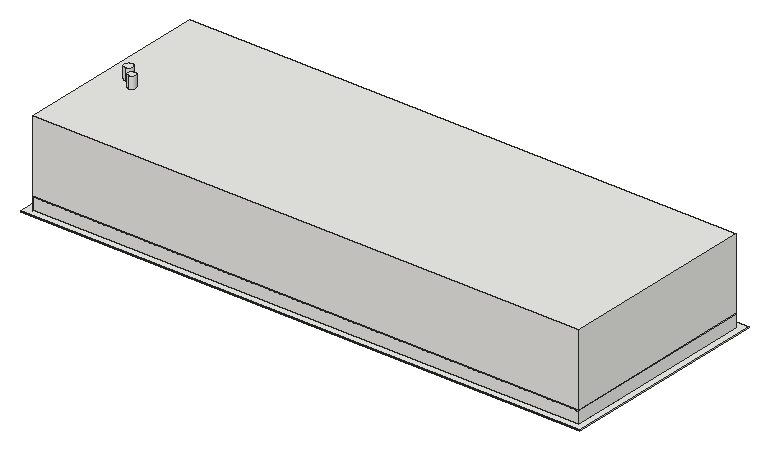
Revit family "AIRTECNICS_AIR CURTAIN_RECESSED WINDBOX_MG_DX-VRF_(HITACHI)_0", category Mechanical Equipment, Revit 2016 (continued)
Definition of nested family "GEOM_WINDBOX_P_RECESSED_DX"
  Automatic sketch dimensions
    Extrusion 38 sketch curve to Extrusion 38 sketch curve = 4.0 mm
    Extrusion 38 sketch curve to Extrusion 38 sketch curve = 3.966 mm
    Extrusion 38 sketch curve to Extrusion 38 sketch curve = 0.0 mm  (x2)
    Extrusion 39 sketch curve to Extrusion 39 sketch curve = 3.028 mm
    Extrusion 39 sketch curve to Extrusion 39 sketch curve = 3.961 mm
    Extrusion 39 sketch curve to Extrusion 39 sketch curve = 2.97 mm
    Extrusion 39 sketch curve to Extrusion 39 sketch curve = 2.975 mm
    Extrusion 39 sketch curve to Extrusion 39 sketch curve = 0.557 mm
    Extrusion 39 sketch curve to Extrusion 39 sketch curve = 4.0 mm
    Extrusion 39 sketch curve to Extrusion 39 sketch curve = 3.966 mm
    Extrusion 39 sketch curve to Extrusion 39 sketch curve = 0.0 mm  (x2)
    Extrusion 38 sketch curve to Extrusion 38 sketch curve = 25.946 mm
    Extrusion 38 sketch curve to Extrusion 38 sketch curve = 2.037 mm
    Extrusion 38 sketch curve to Extrusion 38 sketch curve = 2.578 mm
    Extrusion 38 sketch curve to Extrusion 38 sketch curve = 2.611 mm
    Extrusion 38 sketch curve to Extrusion 38 sketch curve = 23.162 mm
    Extrusion 39 sketch curve to Extrusion 39 sketch curve = 25.946 mm
    Extrusion 39 sketch curve to Extrusion 39 sketch curve = 2.037 mm
    Extrusion 39 sketch curve to Extrusion 39 sketch curve = 2.578 mm
    Extrusion 39 sketch curve to Extrusion 39 sketch curve = 2.611 mm
    Extrusion 39 sketch curve to Extrusion 39 sketch curve = 23.162 mm
    Extrusion 37 sketch curve to Extrusion 37 sketch curve = 74.0 mm
    Extrusion 37 sketch curve to Extrusion 37 sketch curve = 43.504 mm
    Extrusion 27 sketch curve to Extrusion 27 sketch curve = 74.0 mm
    Extrusion 27 sketch curve to Extrusion 27 sketch curve = 43.504 mm
    Extrusion 30 sketch curve to Extrusion 30 sketch curve = 74.0 mm
    Extrusion 30 sketch curve to Extrusion 30 sketch curve = 43.504 mm
    Extrusion 4 sketch curve to plane 11 = 0.0 mm
    Extrusion 7 sketch curve to plane 3 "Centro (Izquierda/Derecha)" = 0.0 mm
    plane 8 to Extrusion 11 sketch curve = 0.0 mm
    Extrusion 11 sketch curve to plane 24 = 0.0 mm
    Extrusion 11 sketch curve to plane 4 = 0.0 mm
    Extrusion 11 sketch curve to plane 8 = 10.0 mm
    Extrusion 12 sketch curve to plane 24 = 0.0 mm
    Extrusion 12 sketch curve to plane 4 = 0.0 mm
    Extrusion 12 sketch curve to plane 7 = 0.0 mm
    Extrusion 12 sketch curve to plane 7 = 10.0 mm
    Sweep 19 sketch curve to profile plane = 0.0 mm
    Sweep 19 sketch curve to Sweep 19 sketch curve = 0.0 mm  (x2)
    plane 24 to Extrusion 20 sketch curve = 20.494 mm  (x2)
    Extrusion 20 sketch curve to plane 11 = 41.908 mm
    plane 24 to Extrusion 20 sketch curve = 1.964 mm  (x6)
    Extrusion 20 sketch curve to Extrusion 20 sketch curve = 3.179 mm
    Extrusion 20 sketch curve to Extrusion 20 sketch curve = 1.478 mm  (x3)
    Extrusion 20 sketch curve to Extrusion 20 sketch curve = 4.657 mm  (x5)
    Extrusion 20 sketch curve to Extrusion 20 sketch curve = 16.188 mm
    Extrusion 20 sketch curve to plane 11 = 13.228 mm
    plane 11 to Extrusion 20 sketch curve = 9.843 mm
    plane 11 to Extrusion 20 sketch curve = 13.022 mm
    Extrusion 20 sketch curve to Extrusion 20 sketch curve = 0.254 mm  (x3)
    Extrusion 20 sketch curve to Extrusion 20 sketch curve = 18.53 mm
    Extrusion 20 sketch curve to Extrusion 20 sketch curve = 0.0 mm
    Extrusion 20 sketch curve to Extrusion 20 sketch curve = 0.799 mm  (x3)
    plane 1 "Centro (Frontal/Posterior)" to Extrusion 24 sketch curve = 21.764 mm
    Extrusion 24 sketch curve to plane 11 = 43.471 mm
    plane 24 to Extrusion 24 sketch curve = 3.073 mm
    Extrusion 24 sketch curve to Extrusion 24 sketch curve = 3.028 mm
    Extrusion 24 sketch curve to Extrusion 24 sketch curve = 3.961 mm
    Extrusion 24 sketch curve to Extrusion 24 sketch curve = 2.97 mm
    plane 24 to Extrusion 24 sketch curve = 0.496 mm
    Extrusion 24 sketch curve to plane 11 = 11.527 mm
    Extrusion 24 sketch curve to plane 11 = 9.49 mm
    plane 24 to Extrusion 24 sketch curve = 3.107 mm
    Extrusion 24 sketch curve to Extrusion 24 sketch curve = 2.975 mm
    Extrusion 24 sketch curve to Extrusion 24 sketch curve = 0.557 mm
    Extrusion 24 sketch curve to Extrusion 24 sketch curve = 4.0 mm
    Extrusion 24 sketch curve to Extrusion 24 sketch curve = 3.966 mm
    Extrusion 24 sketch curve to Extrusion 24 sketch curve = 0.0 mm  (x2)
    plane 1 "Centro (Frontal/Posterior)" to Extrusion 45 sketch curve = 21.764 mm
    Extrusion 45 sketch curve to plane 11 = 43.471 mm
    plane 24 to Extrusion 45 sketch curve = 3.073 mm
    Extrusion 45 sketch curve to Extrusion 45 sketch curve = 3.028 mm
    Extrusion 45 sketch curve to Extrusion 45 sketch curve = 3.961 mm
    Extrusion 45 sketch curve to Extrusion 45 sketch curve = 2.97 mm
    plane 24 to Extrusion 45 sketch curve = 0.496 mm
    Extrusion 45 sketch curve to plane 11 = 11.527 mm
    Extrusion 45 sketch curve to plane 11 = 9.49 mm
    plane 24 to Extrusion 45 sketch curve = 3.107 mm
    Extrusion 45 sketch curve to Extrusion 45 sketch curve = 2.975 mm
    Extrusion 45 sketch curve to Extrusion 45 sketch curve = 0.557 mm
    Extrusion 45 sketch curve to Extrusion 45 sketch curve = 4.0 mm
    Extrusion 45 sketch curve to Extrusion 45 sketch curve = 3.966 mm
    Extrusion 45 sketch curve to Extrusion 45 sketch curve = 0.0 mm  (x2)
    Extrusion 46 sketch curve to Extrusion 46 sketch curve = 0.0 mm  (x40)
    level to Extrusion 46 sketch curve = 0.881 mm  (x10)
    plane 20 to Extrusion 46 sketch curve = 4.0 mm
    plane 24 to Extrusion 46 sketch curve = 0.179 mm  (x10)
    Extrusion 46 sketch curve to Extrusion 46 sketch curve = 0.07 mm  (x10)
    plane 20 to Extrusion 46 sketch curve = 4.744 mm
    plane 24 to Extrusion 46 sketch curve = 2.811 mm  (x10)
    Extrusion 46 sketch curve to plane 13 = 7.561 mm
    plane 24 to Extrusion 46 sketch curve = 1.787 mm  (x10)
    plane 13 to Extrusion 46 sketch curve = 6.25 mm
    plane 13 to Extrusion 46 sketch curve = 6.4 mm
    Extrusion 46 sketch curve to Extrusion 46 sketch curve = 0.594 mm  (x8)
    Extrusion 46 sketch curve to Extrusion 46 sketch curve = 0.8 mm  (x12)
    plane 13 to Extrusion 46 sketch curve = 7.7 mm
    Extrusion 46 sketch curve to Extrusion 46 sketch curve = 1.007 mm  (x8)
    Extrusion 46 sketch curve to Extrusion 46 sketch curve = 1.3 mm  (x8)
    Extrusion 46 sketch curve to Extrusion 46 sketch curve = 8.369 mm  (x9)
    Extrusion 46 sketch curve to Extrusion 46 sketch curve = 13.01 mm  (x7)
    Extrusion 46 sketch curve to Extrusion 46 sketch curve = 0.08 mm  (x7)
    plane 24 to Extrusion 46 sketch curve = 14.344 mm  (x9)
    plane 24 to Extrusion 46 sketch curve = 13.319 mm  (x9)
    Extrusion 46 sketch curve to Extrusion 46 sketch curve = 0.5 mm  (x2)
    Extrusion 46 sketch curve to Extrusion 46 sketch curve = 13.961 mm  (x2)
    Extrusion 46 sketch curve to Extrusion 46 sketch curve = 0.999 mm
    Extrusion 46 sketch curve to Extrusion 46 sketch curve = 1.743 mm
    Extrusion 46 sketch curve to Extrusion 46 sketch curve = 0.658 mm
    Extrusion 46 sketch curve to Extrusion 46 sketch curve = 8.732 mm  (x10)
    plane 7 to Extrusion 47 sketch curve = 2.0 mm
    plane 8 to Extrusion 47 sketch curve = 2.0 mm
    plane 20 to Extrusion 47 sketch curve = 1.976 mm
    Extrusion 47 sketch curve to plane 5 = 486.1 mm
    Extrusion 2 sketch curve to plane 11 = 55.1 mm
    plane 7 to Extrusion 21 sketch curve = 1.0 mm
    plane 8 to Extrusion 21 sketch curve = 1.0 mm
    Extrusion 5 sketch curve to plane 3 "Centro (Izquierda/Derecha)" = 0.0 mm
    Extrusion 5 sketch curve to plane 11 = 0.0 mm
    plane 1 "Centro (Frontal/Posterior)" to Extrusion 23 sketch curve = 4.0 mm
    Extrusion 23 sketch curve to plane 11 = 42.0 mm
    Extrusion 25 sketch curve to plane 11 = 43.471 mm
    plane 24 to Extrusion 25 sketch curve = 0.496 mm
    Extrusion 26 sketch curve to plane 11 = 43.471 mm
    plane 24 to Extrusion 26 sketch curve = 0.496 mm
    Extrusion 18 sketch curve to plane 7 = 25.0 mm
    Extrusion 16 sketch curve to plane 17 "P2-01" = 0.0 mm
    Extrusion 16 sketch curve to plane 19 "P2-03" = 0.0 mm
    Extrusion 17 sketch curve to plane 14 = 0.0 mm
    Extrusion 17 sketch curve to plane 15 "P1-01" = 0.0 mm
Types (23, lengths in mm): name | Weight | Product Size | Product Reference | Product Heating | Product Description | Power Fans | Noise Level (dB(A)) | Mainfolds | M | Length | Heating Capacity | Gas Coil Volume | G | External Ut. Reference | Dn_Metric_Refrig_Liquid | Dn_Metric_Refrig_Gas | DX VRV | DX Kit | DX Coil Rows = 4 | DX Coil Rows = 3 | DX Coil Rows | DX 1:1 | Current Fans | L | CT | CR | CM | CH | Apparent Load | Airflow
  WINDBOX RECG 2500 VRF29-HI | 163.00 kg | "2500" | "RECG 2500 VRF29-HI" | "Direct Expansion VRF system" | "Energy saving heat pump air curtain: Up to 70% reduction in costs and CO2 emissions (heating mode).\r\nSelf-supporting casing construction made of galvanized steel plate, ready to be installed recessed in a false ceiling. \r\nInlet grille (free of maintenance) made with aluminium profiles and blow-out nozzle, integrated in a single white frame colour RAL 9016. Other colours are available on request.  Internal prefilter included.\r\nAnodized aluminium outlet vanes, airfoil shaped, adjustable in both directions.\r\nDouble-inlet centrifugal fans driven by an external rotor motor and low noise level. 5-speed selector. EC models assembled with very low consumption efficiency fans. \r\nIncludes only heating direct expansion coil with installed temperature sensors. Under request it can be modified to work in cooling and heating mode (not recomended) with optional condensate water pump.\r\nPlug&Play control panel CS-5DX-NE slave DX with 5 speeds selector and 7m telephone cable included.\r\nReady to connect to HITACHI VRF outdoor heat pump unit (R410A), not included, the customer should purchase it.\r\nRequires EXV-10.0E2 HITACHI VRF Interface KIT adapted for air curtain with expansion valve and  PC-ART programmable control, please consult. The client should send the complete DX kit to Airtècnics in order to adapt it and install the temperature sensors.\r\nAir Volume: 5110 m3/h \r\nFans:  0,497 kW  4,34 A 230Vx1 50/60Hz\r\nHeating capacity: 28,89 kW\r\nDimensions: 770x310x2550 mm (depth, height, length)\r\nNOT SUPPLIED BY AIRTÈCNICS:\r\nEXV-10.0E2 Interface VRF kit with direct expansion valve and PC-ART programmable control.\r\nExternal unit VRF." | 0.497 kW | 64 | "1\" & 1/2" | no | 2550.0 | 28.89 kW | 5.30 L | yes | "Not available" | 15 | 25 | yes | "EXV-10.0E2" | yes | no | 4 | no | 4.34 A | 2500.0 | 16 | 2 | 12 | 4 | 994 VA | 5110 m³/h
  WINDBOX RECG 2500 VRF25-HI | 163.00 kg | "2500" | "RECG 2500 VRF25-HI" | "Direct Expansion VRF system" | "Energy saving heat pump air curtain: Up to 70% reduction in costs and CO2 emissions (heating mode).\r\nSelf-supporting casing construction made of galvanized steel plate, ready to be installed recessed in a false ceiling. \r\nInlet grille (free of maintenance) made with aluminium profiles and blow-out nozzle, integrated in a single white frame colour RAL 9016. Other colours are available on request.  Internal prefilter included.\r\nAnodized aluminium outlet vanes, airfoil shaped, adjustable in both directions.\r\nDouble-inlet centrifugal fans driven by an external rotor motor and low noise level. 5-speed selector. EC models assembled with very low consumption efficiency fans. \r\nIncludes only heating direct expansion coil with installed temperature sensors. Under request it can be modified to work in cooling and heating mode (not recomended) with optional condensate water pump.\r\nPlug&Play control panel CS-5DX-NE slave DX with 5 speeds selector and 7m telephone cable included.\r\nReady to connect to HITACHI VRF outdoor heat pump unit (R410A), not included, the customer should purchase it.\r\nRequires EXV-8.0E2 HITACHI VRF Interface KIT adapted for air curtain with expansion valve and  PC-ART programmable control, please consult. The client should send the complete DX kit to Airtècnics in order to adapt it and install the temperature sensors.\r\nAir Volume: 5110 m3/h \r\nFans:  0,497 kW  4,34 A 230Vx1 50/60Hz\r\nHeating capacity: 24,86 kW\r\nDimensions: 770x310x2550 mm (depth, height, length)\r\nNOT SUPPLIED BY AIRTÈCNICS:\r\nEXV-8.0E2 Interface VRF kit with direct expansion valve and PC-ART programmable control.\r\nExternal unit VRF." | 0.497 kW | 64 | "1\" & 1/2" | no | 2550.0 | 24.86 kW | 3.90 L | yes | "Not available" | 15 | 25 | yes | "EXV-10.0E2" | no | yes | 3 | no | 4.34 A | 2500.0 | 16 | 4 | 12 | 4 | 994 VA | 5110 m³/h
  WINDBOX RECG 2500 DX28-HI | 163.00 kg | "2500" | "RECG 2500 DX28-HI" | "Direct Expansion 1:1 system" | "Energy saving heat pump air curtain: Up to 70% reduction in costs and CO2 emissions (heating mode).\r\nSelf-supporting casing construction made of galvanized steel plate, ready to be installed recessed in a false ceiling. \r\nInlet grille (free of maintenance) made with aluminium profiles and blow-out nozzle, integrated in a single white frame colour RAL 9016. Other colours are available on request.  Internal prefilter included.\r\nAnodized aluminium outlet vanes, airfoil shaped, adjustable in both directions.\r\nDouble-inlet centrifugal fans driven by an external rotor motor and low noise level. 5-speed selector. EC models assembled with very low consumption efficiency fans. \r\nIncludes only heating direct expansion coil with installed temperature sensors. Under request it can be modified to work in cooling and heating mode (not recomended) with optional condensate water pump.\r\nPlug&Play control panel CS-5DX-NE slave DX with 5 speeds selector and 7m telephone cable included.\r\nReady to connect to HITACHI Inverter outdoor heat pump unit (R410A), not included, the customer should purchase it.\r\nRequires EXV-10.0E2 HITACHI DX Interface KIT adapted for air curtain with expansion valve and  PC-ART programmable control, please consult. The client should send the complete DX kit to Airtècnics in order to adapt it and install the temperature sensors.\r\nAir Volume: 5110 m3/h \r\nFans:  0,497 kW  4,34 A 230Vx1 50/60Hz\r\nHeating capacity: 28,00 kW\r\nDimensions: 770x310x2550 mm (depth, height, length)\r\nNOT SUPPLIED BY AIRTÈCNICS:\r\nEXV-10.0E2 Interface DX kit with direct expansion valve and PC-ART programmable control.\r\nExternal unit:\r\n RAS-10HNCEExternal unit with direct expansion valve Hitachi, triple phase motor 400Vx3 50Hz.\r\nHeating capacity 28kW. Heating power: 7,12kW. COP 3,93.\r\nCooling capacity 25kW. Cooling power 7,81kW. EER 3,2.\r\nCooling circuits 1\" - 1/2\".\r\nMaximum length 100m.\r\nDesnivell màxim 30m." | 0.497 kW | 64 | "1\" & 1/2" | no | 2550.0 | 28 kW | 5.30 L | yes | "RAS-10HNCE" | 15 | 25 | no | "EXV-10.0E2" | yes | no | 4 | yes | 4.34 A | 2500.0 | 16 | 2 | 12 | 2 | 994 VA | 5110 m³/h
  WINDBOX RECG 2500 DX22-HI | 163.00 kg | "2500" | "RECG 2500 DX22-HI" | "Direct Expansion 1:1 system" | "Energy saving heat pump air curtain: Up to 70% reduction in costs and CO2 emissions (heating mode).\r\nSelf-supporting casing construction made of galvanized steel plate, ready to be installed recessed in a false ceiling. \r\nInlet grille (free of maintenance) made with aluminium profiles and blow-out nozzle, integrated in a single white frame colour RAL 9016. Other colours are available on request.  Internal prefilter included.\r\nAnodized aluminium outlet vanes, airfoil shaped, adjustable in both directions.\r\nDouble-inlet centrifugal fans driven by an external rotor motor and low noise level. 5-speed selector. EC models assembled with very low consumption efficiency fans. \r\nIncludes only heating direct expansion coil with installed temperature sensors. Under request it can be modified to work in cooling and heating mode (not recomended) with optional condensate water pump.\r\nPlug&Play control panel CS-5DX-NE slave DX with 5 speeds selector and 7m telephone cable included.\r\nReady to connect to HITACHI Inverter outdoor heat pump unit (R410A), not included, the customer should purchase it.\r\nRequires EXV-8.0E2 HITACHI DX Interface KIT adapted for air curtain with expansion valve and  PC-ART programmable control, please consult. The client should send the complete DX kit to Airtècnics in order to adapt it and install the temperature sensors.\r\nAir Volume: 5110 m3/h \r\nFans:  0,497 kW  4,34 A 230Vx1 50/60Hz\r\nHeating capacity: 22,40 kW\r\nDimensions: 770x310x2550 mm (depth, height, length)\r\nNOT SUPPLIED BY AIRTÈCNICS:\r\nEXV-8.0E2 Interface DX kit with direct expansion valve and PC-ART programmable control.\r\nExternal unit:\r\n RAS-8HNCEExternal unit with direct expansion valve Hitachi, triple phase motor 400Vx3 50Hz.\r\nHeating capacity 22,4kW. Heating power: 5,28kW. COP 4,24.\r\nCooling capacity 20kW. Cooling power 5,95kW. EER 3,36.\r\nCooling circuits 1\" - 3/8\".\r\nMaximum length 100m.\r\nDesnivell màxim 30m." | 0.497 kW | 64 | "1\" & 3/8" | no | 2550.0 | 22.4 kW | 3.90 L | yes | "RAS-8HNCE" | 10 | 25 | no | "EXV-8.0E2" | no | yes | 3 | yes | 4.34 A | 2500.0 | 16 | 4 | 12 | 2 | 994 VA | 5110 m³/h
  WINDBOX RECG 2000 VRF24-HI | 131.00 kg | "2000" | "RECG 2000 VRF24-HI" | "Direct Expansion VRF system" | "Energy saving heat pump air curtain: Up to 70% reduction in costs and CO2 emissions (heating mode).\r\nSelf-supporting casing construction made of galvanized steel plate, ready to be installed recessed in a false ceiling. \r\nInlet grille (free of maintenance) made with aluminium profiles and blow-out nozzle, integrated in a single white frame colour RAL 9016. Other colours are available on request.  Internal prefilter included.\r\nAnodized aluminium outlet vanes, airfoil shaped, adjustable in both directions.\r\nDouble-inlet centrifugal fans driven by an external rotor motor and low noise level. 5-speed selector. EC models assembled with very low consumption efficiency fans. \r\nIncludes only heating direct expansion coil with installed temperature sensors. Under request it can be modified to work in cooling and heating mode (not recomended) with optional condensate water pump.\r\nPlug&Play control panel CS-5DX-NE slave DX with 5 speeds selector and 7m telephone cable included.\r\nReady to connect to HITACHI VRF outdoor heat pump unit (R410A), not included, the customer should purchase it.\r\nRequires EXV-8.0E2 HITACHI VRF Interface KIT adapted for air curtain with expansion valve and  PC-ART programmable control, please consult. The client should send the complete DX kit to Airtècnics in order to adapt it and install the temperature sensors.\r\nAir Volume: 4380 m3/h \r\nFans:  0,426 kW  3,72 A 230Vx1 50/60Hz\r\nHeating capacity: 23,63 kW\r\nDimensions: 770x310x2050 mm (depth, height, length)\r\nNOT SUPPLIED BY AIRTÈCNICS:\r\nEXV-8.0E2 Interface VRF kit with direct expansion valve and PC-ART programmable control.\r\nExternal unit VRF." | 0.426 kW | 63 | "1\" & 3/8" | no | 2050.0 | 23.63 kW | 4.10 L | yes | "Not available" | 10 | 25 | yes | "EXV-8.0E2" | yes | no | 4 | no | 3.72 A | 2000.0 | 8 | 2 | 12 | 4 | 852 VA | 4380 m³/h
  WINDBOX RECG 2000 VRF20-HI | 131.00 kg | "2000" | "RECG 2000 VRF20-HI" | "Direct Expansion VRF system" | "Energy saving heat pump air curtain: Up to 70% reduction in costs and CO2 emissions (heating mode).\r\nSelf-supporting casing construction made of galvanized steel plate, ready to be installed recessed in a false ceiling. \r\nInlet grille (free of maintenance) made with aluminium profiles and blow-out nozzle, integrated in a single white frame colour RAL 9016. Other colours are available on request.  Internal prefilter included.\r\nAnodized aluminium outlet vanes, airfoil shaped, adjustable in both directions.\r\nDouble-inlet centrifugal fans driven by an external rotor motor and low noise level. 5-speed selector. EC models assembled with very low consumption efficiency fans. \r\nIncludes only heating direct expansion coil with installed temperature sensors. Under request it can be modified to work in cooling and heating mode (not recomended) with optional condensate water pump.\r\nPlug&Play control panel CS-5DX-NE slave DX with 5 speeds selector and 7m telephone cable included.\r\nReady to connect to HITACHI VRF outdoor heat pump unit (R410A), not included, the customer should purchase it.\r\nRequires EXV-8.0E2 HITACHI VRF Interface KIT adapted for air curtain with expansion valve and  PC-ART programmable control, please consult. The client should send the complete DX kit to Airtècnics in order to adapt it and install the temperature sensors.\r\nAir Volume: 4380 m3/h \r\nFans:  0,426 kW  3,72 A 230Vx1 50/60Hz\r\nHeating capacity: 20,21 kW\r\nDimensions: 770x310x2050 mm (depth, height, length)\r\nNOT SUPPLIED BY AIRTÈCNICS:\r\nEXV-8.0E2 Interface VRF kit with direct expansion valve and PC-ART programmable control.\r\nExternal unit VRF." | 0.426 kW | 63 | "1\" & 3/8" | no | 2050.0 | 20.21 kW | 3.10 L | yes | "Not available" | 10 | 25 | yes | "EXV-8.0E2" | no | yes | 3 | no | 3.72 A | 2000.0 | 8 | 4 | 12 | 4 | 852 VA | 4380 m³/h
  WINDBOX RECG 2000 DX22-HI | 131.00 kg | "2000" | "RECG 2000 DX22-HI" | "Direct Expansion 1:1 system" | "Energy saving heat pump air curtain: Up to 70% reduction in costs and CO2 emissions (heating mode).\r\nSelf-supporting casing construction made of galvanized steel plate, ready to be installed recessed in a false ceiling. \r\nInlet grille (free of maintenance) made with aluminium profiles and blow-out nozzle, integrated in a single white frame colour RAL 9016. Other colours are available on request.  Internal prefilter included.\r\nAnodized aluminium outlet vanes, airfoil shaped, adjustable in both directions.\r\nDouble-inlet centrifugal fans driven by an external rotor motor and low noise level. 5-speed selector. EC models assembled with very low consumption efficiency fans. \r\nIncludes only heating direct expansion coil with installed temperature sensors. Under request it can be modified to work in cooling and heating mode (not recomended) with optional condensate water pump.\r\nPlug&Play control panel CS-5DX-NE slave DX with 5 speeds selector and 7m telephone cable included.\r\nReady to connect to HITACHI Inverter outdoor heat pump unit (R410A), not included, the customer should purchase it.\r\nRequires EXV-8.0E2 HITACHI DX Interface KIT adapted for air curtain with expansion valve and  PC-ART programmable control, please consult. The client should send the complete DX kit to Airtècnics in order to adapt it and install the temperature sensors.\r\nAir Volume: 4380 m3/h \r\nFans:  0,426 kW  3,72 A 230Vx1 50/60Hz\r\nHeating capacity: 22,40 kW\r\nDimensions: 770x310x2050 mm (depth, height, length)\r\nNOT SUPPLIED BY AIRTÈCNICS:\r\nEXV-8.0E2 Interface DX kit with direct expansion valve and PC-ART programmable control.\r\nExternal unit:\r\n RAS-8HNCEExternal unit with direct expansion valve Hitachi, triple phase motor 400Vx3 50Hz.\r\nHeating capacity 22,4kW. Heating power: 5,28kW. COP 4,24.\r\nCooling capacity 20kW. Cooling power 5,95kW. EER 3,36.\r\nCooling circuits 1\" - 3/8\".\r\nMaximum length 100m.\r\nDesnivell màxim 30m." | 0.426 kW | 63 | "1\" & 3/8" | no | 2050.0 | 22.4 kW | 4.10 L | yes | "RAS-8HNCE" | 10 | 25 | no | "EXV-8.0E2" | yes | no | 4 | yes | 3.72 A | 2000.0 | 8 | 2 | 12 | 2 | 852 VA | 4380 m³/h
  WINDBOX RECG 1500 VRF15-HI | 98.00 kg | "1500" | "RECG 1500 VRF15-HI" | "Direct Expansion VRF system" | "Energy saving heat pump air curtain: Up to 70% reduction in costs and CO2 emissions (heating mode).\r\nSelf-supporting casing construction made of galvanized steel plate, ready to be installed recessed in a false ceiling. \r\nInlet grille (free of maintenance) made with aluminium profiles and blow-out nozzle, integrated in a single white frame colour RAL 9016. Other colours are available on request.  Internal prefilter included.\r\nAnodized aluminium outlet vanes, airfoil shaped, adjustable in both directions.\r\nDouble-inlet centrifugal fans driven by an external rotor motor and low noise level. 5-speed selector. EC models assembled with very low consumption efficiency fans. \r\nIncludes only heating direct expansion coil with installed temperature sensors. Under request it can be modified to work in cooling and heating mode (not recomended) with optional condensate water pump.\r\nPlug&Play control panel CS-5DX-NE slave DX with 5 speeds selector and 7m telephone cable included.\r\nReady to connect to HITACHI VRF outdoor heat pump unit (R410A), not included, the customer should purchase it.\r\nRequires EXV-6.0E2 HITACHI VRF Interface KIT adapted for air curtain with expansion valve and  PC-ART programmable control, please consult. The client should send the complete DX kit to Airtècnics in order to adapt it and install the temperature sensors.\r\nAir Volume: 2920 m3/h \r\nFans:  0,284 kW  2,48 A 230Vx1 50/60Hz\r\nHeating capacity: 15,32 kW\r\nDimensions: 770x310x1550 mm (depth, height, length)\r\nNOT SUPPLIED BY AIRTÈCNICS:\r\nEXV-6.0E2 Interface VRF kit with direct expansion valve and PC-ART programmable control.\r\nExternal unit VRF." | 0.284 kW | 62 | "5/8 & 3/8" | no | 1550.0 | 15.32 kW | 3.00 L | yes | "Not available" | 10 | 16 | yes | "EXV-6.0E2" | yes | no | 4 | no | 2.48 A | 1500.0 | 4 | 2 | 12 | 4 | 568 VA | 2920 m³/h
  WINDBOX RECG 1500 VRF13-HI | 98.00 kg | "1500" | "RECG 1500 VRF13-HI" | "Direct Expansion VRF system" | "Energy saving heat pump air curtain: Up to 70% reduction in costs and CO2 emissions (heating mode).\r\nSelf-supporting casing construction made of galvanized steel plate, ready to be installed recessed in a false ceiling. \r\nInlet grille (free of maintenance) made with aluminium profiles and blow-out nozzle, integrated in a single white frame colour RAL 9016. Other colours are available on request.  Internal prefilter included.\r\nAnodized aluminium outlet vanes, airfoil shaped, adjustable in both directions.\r\nDouble-inlet centrifugal fans driven by an external rotor motor and low noise level. 5-speed selector. EC models assembled with very low consumption efficiency fans. \r\nIncludes only heating direct expansion coil with installed temperature sensors. Under request it can be modified to work in cooling and heating mode (not recomended) with optional condensate water pump.\r\nPlug&Play control panel CS-5DX-NE slave DX with 5 speeds selector and 7m telephone cable included.\r\nReady to connect to HITACHI VRF outdoor heat pump unit (R410A), not included, the customer should purchase it.\r\nRequires EXV-6.0E2 HITACHI VRF Interface KIT adapted for air curtain with expansion valve and  PC-ART programmable control, please consult. The client should send the complete DX kit to Airtècnics in order to adapt it and install the temperature sensors.\r\nAir Volume: 2920 m3/h \r\nFans:  0,284 kW  2,48 A 230Vx1 50/60Hz\r\nHeating capacity: 13,11 kW\r\nDimensions: 770x310x1550 mm (depth, height, length)\r\nNOT SUPPLIED BY AIRTÈCNICS:\r\nEXV-6.0E2 Interface VRF kit with direct expansion valve and PC-ART programmable control.\r\nExternal unit VRF." | 0.284 kW | 62 | "5/8 & 3/8" | no | 1550.0 | 13.11 kW | 2.20 L | yes | "Not available" | 10 | 16 | yes | "EXV-5.0E2" | no | yes | 3 | no | 2.48 A | 1500.0 | 4 | 4 | 12 | 4 | 568 VA | 2920 m³/h
  WINDBOX RECG 1500 DX15-HI | 98.00 kg | "1500" | "RECG 1500 DX15-HI" | "Direct Expansion 1:1 system" | "Energy saving heat pump air curtain: Up to 70% reduction in costs and CO2 emissions (heating mode).\r\nSelf-supporting casing construction made of galvanized steel plate, ready to be installed recessed in a false ceiling. \r\nInlet grille (free of maintenance) made with aluminium profiles and blow-out nozzle, integrated in a single white frame colour RAL 9016. Other colours are available on request.  Internal prefilter included.\r\nAnodized aluminium outlet vanes, airfoil shaped, adjustable in both directions.\r\nDouble-inlet centrifugal fans driven by an external rotor motor and low noise level. 5-speed selector. EC models assembled with very low consumption efficiency fans. \r\nIncludes only heating direct expansion coil with installed temperature sensors. Under request it can be modified to work in cooling and heating mode (not recomended) with optional condensate water pump.\r\nPlug&Play control panel CS-5DX-NE slave DX with 5 speeds selector and 7m telephone cable included.\r\nReady to connect to HITACHI Inverter outdoor heat pump unit (R410A), not included, the customer should purchase it.\r\nRequires EXV-6.0E2 HITACHI DX Interface KIT adapted for air curtain with expansion valve and  PC-ART programmable control, please consult. The client should send the complete DX kit to Airtècnics in order to adapt it and install the temperature sensors.\r\nAir Volume: 2920 m3/h \r\nFans:  0,284 kW  2,48 A 230Vx1 50/60Hz\r\nHeating capacity: 15,32 kW\r\nDimensions: 770x310x1550 mm (depth, height, length)\r\nNOT SUPPLIED BY AIRTÈCNICS:\r\nEXV-6.0E2 Interface DX kit with direct expansion valve and PC-ART programmable control.\r\nExternal unit:\r\nOption 1: RAS-6HVNC1E\r\nExternal unit with direct expansion valve Hitachi, single phase motor 230Vx1 50Hz.\r\nHeating capacity 16kW. Heating power: 4,23kW. COP 3,78.\r\nCooling capacity 14kW. Cooling power 4,25kW. EER 3,29.\r\nCooling circuits 5/8\" - 3/8\".\r\nMaximum length 75m.\r\nDesnivell màxim 30m.\r\nOption 2: RAS-6HNC1E\r\nExternal unit with direct expansion valve Hitachi, triple phase motor 400Vx3 50Hz.\r\nHeating capacity 16kW. Heating power: 4,23kW. COP 3,78.\r\nCooling capacity 14kW. Cooling power 4,25kW. EER 3,29.\r\nCooling circuits 5/8\" - 3/8\".\r\nMaximum length 75m.\r\nDesnivell màxim 30m." | 0.284 kW | 62 | "5/8 & 3/8" | no | 1550.0 | 15.32 kW | 3.00 L | yes | "RAS-6HNC1E" | 10 | 16 | no | "EXV-6.0E2" | yes | no | 4 | yes | 2.48 A | 1500.0 | 4 | 2 | 12 | 2 | 568 VA | 2920 m³/h
  WINDBOX RECG 1500 DX13-HI | 98.00 kg | "1500" | "RECG 1500 DX13-HI" | "Direct Expansion 1:1 system" | "Energy saving heat pump air curtain: Up to 70% reduction in costs and CO2 emissions (heating mode).\r\nSelf-supporting casing construction made of galvanized steel plate, ready to be installed recessed in a false ceiling. \r\nInlet grille (free of maintenance) made with aluminium profiles and blow-out nozzle, integrated in a single white frame colour RAL 9016. Other colours are available on request.  Internal prefilter included.\r\nAnodized aluminium outlet vanes, airfoil shaped, adjustable in both directions.\r\nDouble-inlet centrifugal fans driven by an external rotor motor and low noise level. 5-speed selector. EC models assembled with very low consumption efficiency fans. \r\nIncludes only heating direct expansion coil with installed temperature sensors. Under request it can be modified to work in cooling and heating mode (not recomended) with optional condensate water pump.\r\nPlug&Play control panel CS-5DX-NE slave DX with 5 speeds selector and 7m telephone cable included.\r\nReady to connect to HITACHI Inverter outdoor heat pump unit (R410A), not included, the customer should purchase it.\r\nRequires EXV-6.0E2 HITACHI DX Interface KIT adapted for air curtain with expansion valve and  PC-ART programmable control, please consult. The client should send the complete DX kit to Airtècnics in order to adapt it and install the temperature sensors.\r\nAir Volume: 2920 m3/h \r\nFans:  0,284 kW  2,48 A 230Vx1 50/60Hz\r\nHeating capacity: 13,11 kW\r\nDimensions: 770x310x1550 mm (depth, height, length)\r\nNOT SUPPLIED BY AIRTÈCNICS:\r\nEXV-6.0E2 Interface DX kit with direct expansion valve and PC-ART programmable control.\r\nExternal unit:\r\nOption 1: RAS-5HVNC1E\r\nExternal unit with direct expansion valve Hitachi, single phase motor 230Vx1 50Hz.\r\nHeating capacity 14kW. Heating power: 3,39kW. COP 4,12.\r\nCooling capacity 12,5kW. Cooling power 3,53kW. EER 3,54.\r\nCooling circuits 5/8\" - 3/8\".\r\nMaximum length 75m.\r\nDesnivell màxim 30m.\r\nOption 2: RAS-5HNC1E\r\nExternal unit with direct expansion valve Hitachi, triple phase motor 400Vx3 50Hz.\r\nHeating capacity 14kW. Heating power: 3,39kW. COP 4,12.\r\nCooling capacity 12,5kW. Cooling power 3,53kW. EER 3,54.\r\nCooling circuits 5/8\" - 3/8\".\r\nMaximum length 75m.\r\nDesnivell màxim 30m." | 0.284 kW | 62 | "5/8 & 3/8" | no | 1550.0 | 13.11 kW | 2.20 L | yes | "RAS-5HNC1E" | 10 | 16 | no | "EXV-5.0E2" | no | yes | 3 | yes | 2.48 A | 1500.0 | 4 | 4 | 12 | 2 | 568 VA | 2920 m³/h
  WINDBOX RECG 1000 VRF10-HI | 67.00 kg | "1000" | "RECG 1000 VRF10-HI" | "Direct Expansion VRF system" | "Energy saving heat pump air curtain: Up to 70% reduction in costs and CO2 emissions (heating mode).\r\nSelf-supporting casing construction made of galvanized steel plate, ready to be installed recessed in a false ceiling. \r\nInlet grille (free of maintenance) made with aluminium profiles and blow-out nozzle, integrated in a single white frame colour RAL 9016. Other colours are available on request.  Internal prefilter included.\r\nAnodized aluminium outlet vanes, airfoil shaped, adjustable in both directions.\r\nDouble-inlet centrifugal fans driven by an external rotor motor and low noise level. 5-speed selector. EC models assembled with very low consumption efficiency fans. \r\nIncludes only heating direct expansion coil with installed temperature sensors. Under request it can be modified to work in cooling and heating mode (not recomended) with optional condensate water pump.\r\nPlug&Play control panel CS-5DX-NE slave DX with 5 speeds selector and 7m telephone cable included.\r\nReady to connect to HITACHI VRF outdoor heat pump unit (R410A), not included, the customer should purchase it.\r\nRequires EXV-4.0E2 HITACHI VRF Interface KIT adapted for air curtain with expansion valve and  PC-ART programmable control, please consult. The client should send the complete DX kit to Airtècnics in order to adapt it and install the temperature sensors.\r\nAir Volume: 2190 m3/h \r\nFans:  0,213 kW  1,86 A 230Vx1 50/60Hz\r\nHeating capacity: 9,70 kW\r\nDimensions: 770x310x1050 mm (depth, height, length)\r\nNOT SUPPLIED BY AIRTÈCNICS:\r\nEXV-4.0E2 Interface VRF kit with direct expansion valve and PC-ART programmable control.\r\nExternal unit VRF." | 0.213 kW | 61 | "5/8 & 3/8" | no | 1050.0 | 9.7 kW | 1.80 L | yes | "Not available" | 10 | 16 | yes | "EXV-4.0E2" | yes | no | 4 | no | 1.86 A | 1000.0 | 2 | 2 | 12 | 4 | 426 VA | 2190 m³/h
  WINDBOX RECG 1000 DX8-HI | 67.00 kg | "1000" | "RECG 1000 DX8-HI" | "Direct Expansion 1:1 system" | "Energy saving heat pump air curtain: Up to 70% reduction in costs and CO2 emissions (heating mode).\r\nSelf-supporting casing construction made of galvanized steel plate, ready to be installed recessed in a false ceiling. \r\nInlet grille (free of maintenance) made with aluminium profiles and blow-out nozzle, integrated in a single white frame colour RAL 9016. Other colours are available on request.  Internal prefilter included.\r\nAnodized aluminium outlet vanes, airfoil shaped, adjustable in both directions.\r\nDouble-inlet centrifugal fans driven by an external rotor motor and low noise level. 5-speed selector. EC models assembled with very low consumption efficiency fans. \r\nIncludes only heating direct expansion coil with installed temperature sensors. Under request it can be modified to work in cooling and heating mode (not recomended) with optional condensate water pump.\r\nPlug&Play control panel CS-5DX-NE slave DX with 5 speeds selector and 7m telephone cable included.\r\nReady to connect to HITACHI Inverter outdoor heat pump unit (R410A), not included, the customer should purchase it.\r\nRequires EXV-3.0E2 HITACHI DX Interface KIT adapted for air curtain with expansion valve and  PC-ART programmable control, please consult. The client should send the complete DX kit to Airtècnics in order to adapt it and install the temperature sensors.\r\nAir Volume: 2190 m3/h \r\nFans:  0,213 kW  1,86 A 230Vx1 50/60Hz\r\nHeating capacity: 8,00 kW\r\nDimensions: 770x310x1050 mm (depth, height, length)\r\nNOT SUPPLIED BY AIRTÈCNICS:\r\nEXV-3.0E2 Interface DX kit with direct expansion valve and PC-ART programmable control.\r\nExternal unit:\r\n RAS-3HVNC1\r\nExternal unit with direct expansion valve Hitachi, single phase motor 230Vx1 50Hz.\r\nHeating capacity 8kW. Heating power: 1,9kW. SCOP 4,21.\r\nCooling capacity 7,1kW. Cooling power 1,94kW. SEER 3,66.\r\nCooling circuits 5/8\" - 3/8\".\r\nMaximum length 50m.\r\nDesnivell màxim 30m." | 0.213 kW | 61 | "5/8 & 3/8" | no | 1050.0 | 8 kW | 1.40 L | yes | "Only Single Phase" | 10 | 16 | no | "EXV-3.0E2" | no | yes | 3 | yes | 1.86 A | 1000.0 | 2 | 4 | 12 | 2 | 426 VA | 2190 m³/h
  WINDBOX RECM 2500 VRF24-HI | 153.00 kg | "2500" | "RECM 2500 VRF24-HI" | "Direct Expansion VRF system" | "Energy saving heat pump air curtain: Up to 70% reduction in costs and CO2 emissions (heating mode).\r\nSelf-supporting casing construction made of galvanized steel plate, ready to be installed recessed in a false ceiling. \r\nInlet grille (free of maintenance) made with aluminium profiles and blow-out nozzle, integrated in a single white frame colour RAL 9016. Other colours are available on request.  Internal prefilter included.\r\nAnodized aluminium outlet vanes, airfoil shaped, adjustable in both directions.\r\nDouble-inlet centrifugal fans driven by an external rotor motor and low noise level. 5-speed selector. EC models assembled with very low consumption efficiency fans. \r\nIncludes only heating direct expansion coil with installed temperature sensors. Under request it can be modified to work in cooling and heating mode (not recomended) with optional condensate water pump.\r\nPlug&Play control panel CS-5DX-NE slave DX with 5 speeds selector and 7m telephone cable included.\r\nReady to connect to HITACHI VRF outdoor heat pump unit (R410A), not included, the customer should purchase it.\r\nRequires EXV-10.0E2 HITACHI VRF Interface KIT adapted for air curtain with expansion valve and  PC-ART programmable control, please consult. The client should send the complete DX kit to Airtècnics in order to adapt it and install the temperature sensors.\r\nAir Volume: 4100 m3/h \r\nFans:  0,355 kW  3,1 A 230Vx1 50/60Hz\r\nHeating capacity: 24,38 kW\r\nDimensions: 770x310x2550 mm (depth, height, length)\r\nNOT SUPPLIED BY AIRTÈCNICS:\r\nEXV-10.0E2 Interface VRF kit with direct expansion valve and PC-ART programmable control.\r\nExternal unit VRF." | 0.355 kW | 59 | "1\" & 1/2" | yes | 2550.0 | 23.63 kW | 5.30 L | no | "Not available" | 15 | 25 | yes | "EXV-10.0E2" | yes | no | 4 | no | 3.1 A | 2500.0 | 16 | 2 | 6 | 4 | 710 VA | 5110 m³/h
  WINDBOX RECM 2500 VRF21-HI | 153.00 kg | "2500" | "RECM 2500 VRF21-HI" | "Direct Expansion VRF system" | "Energy saving heat pump air curtain: Up to 70% reduction in costs and CO2 emissions (heating mode).\r\nSelf-supporting casing construction made of galvanized steel plate, ready to be installed recessed in a false ceiling. \r\nInlet grille (free of maintenance) made with aluminium profiles and blow-out nozzle, integrated in a single white frame colour RAL 9016. Other colours are available on request.  Internal prefilter included.\r\nAnodized aluminium outlet vanes, airfoil shaped, adjustable in both directions.\r\nDouble-inlet centrifugal fans driven by an external rotor motor and low noise level. 5-speed selector. EC models assembled with very low consumption efficiency fans. \r\nIncludes only heating direct expansion coil with installed temperature sensors. Under request it can be modified to work in cooling and heating mode (not recomended) with optional condensate water pump.\r\nPlug&Play control panel CS-5DX-NE slave DX with 5 speeds selector and 7m telephone cable included.\r\nReady to connect to HITACHI VRF outdoor heat pump unit (R410A), not included, the customer should purchase it.\r\nRequires EXV-8.0E2 HITACHI VRF Interface KIT adapted for air curtain with expansion valve and  PC-ART programmable control, please consult. The client should send the complete DX kit to Airtècnics in order to adapt it and install the temperature sensors.\r\nAir Volume: 4100 m3/h \r\nFans:  0,355 kW  3,1 A 230Vx1 50/60Hz\r\nHeating capacity: 21,20 kW\r\nDimensions: 770x310x2550 mm (depth, height, length)\r\nNOT SUPPLIED BY AIRTÈCNICS:\r\nEXV-8.0E2 Interface VRF kit with direct expansion valve and PC-ART programmable control.\r\nExternal unit VRF." | 0.355 kW | 59 | "1\" & 3/8" | yes | 2550.0 | 21.2 kW | 3.90 L | no | "Not available" | 10 | 25 | yes | "EXV-8.0E2" | no | yes | 3 | no | 3.1 A | 2500.0 | 16 | 4 | 6 | 4 | 710 VA | 5110 m³/h
  WINDBOX RECM 2500 DX21-HI | 153.00 kg | "2500" | "RECM 2500 DX21-HI" | "Direct Expansion 1:1 system" | "Energy saving heat pump air curtain: Up to 70% reduction in costs and CO2 emissions (heating mode).\r\nSelf-supporting casing construction made of galvanized steel plate, ready to be installed recessed in a false ceiling. \r\nInlet grille (free of maintenance) made with aluminium profiles and blow-out nozzle, integrated in a single white frame colour RAL 9016. Other colours are available on request.  Internal prefilter included.\r\nAnodized aluminium outlet vanes, airfoil shaped, adjustable in both directions.\r\nDouble-inlet centrifugal fans driven by an external rotor motor and low noise level. 5-speed selector. EC models assembled with very low consumption efficiency fans. \r\nIncludes only heating direct expansion coil with installed temperature sensors. Under request it can be modified to work in cooling and heating mode (not recomended) with optional condensate water pump.\r\nPlug&Play control panel CS-5DX-NE slave DX with 5 speeds selector and 7m telephone cable included.\r\nReady to connect to HITACHI Inverter outdoor heat pump unit (R410A), not included, the customer should purchase it.\r\nRequires EXV-8.0E2 HITACHI DX Interface KIT adapted for air curtain with expansion valve and  PC-ART programmable control, please consult. The client should send the complete DX kit to Airtècnics in order to adapt it and install the temperature sensors.\r\nAir Volume: 4100 m3/h \r\nFans:  0,355 kW  3,1 A 230Vx1 50/60Hz\r\nHeating capacity: 21,20 kW\r\nDimensions: 770x310x2550 mm (depth, height, length)\r\nNOT SUPPLIED BY AIRTÈCNICS:\r\nEXV-8.0E2 Interface DX kit with direct expansion valve and PC-ART programmable control.\r\nExternal unit:\r\n RAS-8HNCEExternal unit with direct expansion valve Hitachi, triple phase motor 400Vx3 50Hz.\r\nHeating capacity 22,4kW. Heating power: 5,28kW. COP 4,24.\r\nCooling capacity 20kW. Cooling power 5,95kW. EER 3,36.\r\nCooling circuits 1\" - 3/8\".\r\nMaximum length 100m.\r\nDesnivell màxim 30m." | 0.355 kW | 59 | "1\" & 3/8" | yes | 2550.0 | 21.2 kW | 3.90 L | no | "RAS-8HNCE" | 10 | 25 | no | "EXV-8.0E2" | no | yes | 3 | yes | 3.1 A | 2500.0 | 16 | 4 | 6 | 2 | 710 VA | 5110 m³/h
  WINDBOX RECM 2000 VRF19-HI | 122.00 kg | "2000" | "RECM 2000 VRF19-HI" | "Direct Expansion VRF system" | "Energy saving heat pump air curtain: Up to 70% reduction in costs and CO2 emissions (heating mode).\r\nSelf-supporting casing construction made of galvanized steel plate, ready to be installed recessed in a false ceiling. \r\nInlet grille (free of maintenance) made with aluminium profiles and blow-out nozzle, integrated in a single white frame colour RAL 9016. Other colours are available on request.  Internal prefilter included.\r\nAnodized aluminium outlet vanes, airfoil shaped, adjustable in both directions.\r\nDouble-inlet centrifugal fans driven by an external rotor motor and low noise level. 5-speed selector. EC models assembled with very low consumption efficiency fans. \r\nIncludes only heating direct expansion coil with installed temperature sensors. Under request it can be modified to work in cooling and heating mode (not recomended) with optional condensate water pump.\r\nPlug&Play control panel CS-5DX-NE slave DX with 5 speeds selector and 7m telephone cable included.\r\nReady to connect to HITACHI VRF outdoor heat pump unit (R410A), not included, the customer should purchase it.\r\nRequires EXV-8.0E2 HITACHI VRF Interface KIT adapted for air curtain with expansion valve and  PC-ART programmable control, please consult. The client should send the complete DX kit to Airtècnics in order to adapt it and install the temperature sensors.\r\nAir Volume: 3280 m3/h \r\nFans:  0,284 kW  2,48 A 230Vx1 50/60Hz\r\nHeating capacity: 18,96 kW\r\nDimensions: 770x310x2050 mm (depth, height, length)\r\nNOT SUPPLIED BY AIRTÈCNICS:\r\nEXV-8.0E2 Interface VRF kit with direct expansion valve and PC-ART programmable control.\r\nExternal unit VRF." | 0.284 kW | 58 | "1\" & 3/8" | yes | 2050.0 | 18.96 kW | 4.10 L | no | "Not available" | 10 | 25 | yes | "EXV-8.0E2" | yes | no | 4 | no | 2.48 A | 2000.0 | 8 | 2 | 6 | 4 | 568 VA | 3280 m³/h
  WINDBOX RECM 2000 VRF16-HI | 122.00 kg | "2000" | "RECM 2000 VRF16-HI" | "Direct Expansion VRF system" | "Energy saving heat pump air curtain: Up to 70% reduction in costs and CO2 emissions (heating mode).\r\nSelf-supporting casing construction made of galvanized steel plate, ready to be installed recessed in a false ceiling. \r\nInlet grille (free of maintenance) made with aluminium profiles and blow-out nozzle, integrated in a single white frame colour RAL 9016. Other colours are available on request.  Internal prefilter included.\r\nAnodized aluminium outlet vanes, airfoil shaped, adjustable in both directions.\r\nDouble-inlet centrifugal fans driven by an external rotor motor and low noise level. 5-speed selector. EC models assembled with very low consumption efficiency fans. \r\nIncludes only heating direct expansion coil with installed temperature sensors. Under request it can be modified to work in cooling and heating mode (not recomended) with optional condensate water pump.\r\nPlug&Play control panel CS-5DX-NE slave DX with 5 speeds selector and 7m telephone cable included.\r\nReady to connect to HITACHI VRF outdoor heat pump unit (R410A), not included, the customer should purchase it.\r\nRequires EXV-6.0E2 HITACHI VRF Interface KIT adapted for air curtain with expansion valve and  PC-ART programmable control, please consult. The client should send the complete DX kit to Airtècnics in order to adapt it and install the temperature sensors.\r\nAir Volume: 3280 m3/h \r\nFans:  0,284 kW  2,48 A 230Vx1 50/60Hz\r\nHeating capacity: 16,44 kW\r\nDimensions: 770x310x2050 mm (depth, height, length)\r\nNOT SUPPLIED BY AIRTÈCNICS:\r\nEXV-6.0E2 Interface VRF kit with direct expansion valve and PC-ART programmable control.\r\nExternal unit VRF." | 0.284 kW | 58 | "5/8 & 3/8" | yes | 2050.0 | 16.44 kW | 3.10 L | no | "Not available" | 10 | 16 | yes | "EXV-6.0E2" | no | yes | 3 | no | 2.48 A | 2000.0 | 8 | 4 | 6 | 4 | 568 VA | 3280 m³/h
  WINDBOX RECM 2000 DX16-HI | 122.00 kg | "2000" | "RECM 2000 DX16-HI" | "Direct Expansion 1:1 system" | "Energy saving heat pump air curtain: Up to 70% reduction in costs and CO2 emissions (heating mode).\r\nSelf-supporting casing construction made of galvanized steel plate, ready to be installed recessed in a false ceiling. \r\nInlet grille (free of maintenance) made with aluminium profiles and blow-out nozzle, integrated in a single white frame colour RAL 9016. Other colours are available on request.  Internal prefilter included.\r\nAnodized aluminium outlet vanes, airfoil shaped, adjustable in both directions.\r\nDouble-inlet centrifugal fans driven by an external rotor motor and low noise level. 5-speed selector. EC models assembled with very low consumption efficiency fans. \r\nIncludes only heating direct expansion coil with installed temperature sensors. Under request it can be modified to work in cooling and heating mode (not recomended) with optional condensate water pump.\r\nPlug&Play control panel CS-5DX-NE slave DX with 5 speeds selector and 7m telephone cable included.\r\nReady to connect to HITACHI Inverter outdoor heat pump unit (R410A), not included, the customer should purchase it.\r\nRequires EXV-6.0E2 HITACHI DX Interface KIT adapted for air curtain with expansion valve and  PC-ART programmable control, please consult. The client should send the complete DX kit to Airtècnics in order to adapt it and install the temperature sensors.\r\nAir Volume: 3280 m3/h \r\nFans:  0,284 kW  2,48 A 230Vx1 50/60Hz\r\nHeating capacity: 16,00 kW\r\nDimensions: 770x310x2050 mm (depth, height, length)\r\nNOT SUPPLIED BY AIRTÈCNICS:\r\nEXV-6.0E2 Interface DX kit with direct expansion valve and PC-ART programmable control.\r\nExternal unit:\r\nOption 1: RAS-6HVNC1E\r\nExternal unit with direct expansion valve Hitachi, single phase motor 230Vx1 50Hz.\r\nHeating capacity 16kW. Heating power: 4,23kW. COP 3,78.\r\nCooling capacity 14kW. Cooling power 4,25kW. EER 3,29.\r\nCooling circuits 5/8\" - 3/8\".\r\nMaximum length 75m.\r\nDesnivell màxim 30m.\r\nOption 2: RAS-6HNC1E\r\nExternal unit with direct expansion valve Hitachi, triple phase motor 400Vx3 50Hz.\r\nHeating capacity 16kW. Heating power: 4,23kW. COP 3,78.\r\nCooling capacity 14kW. Cooling power 4,25kW. EER 3,29.\r\nCooling circuits 5/8\" - 3/8\".\r\nMaximum length 75m.\r\nDesnivell màxim 30m." | 0.284 kW | 58 | "5/8 & 3/8" | yes | 2050.0 | 16 kW | 3.10 L | no | "RAS-6HNCE" | 10 | 16 | no | "EXV-6.0E2" | no | yes | 3 | yes | 2.48 A | 2000.0 | 8 | 4 | 6 | 2 | 568 VA | 3280 m³/h
  WINDBOX RECM 1500 VRF12-HI | 93.00 kg | "1500" | "RECM 1500 VRF12-HI" | "Direct Expansion VRF system" | "Energy saving heat pump air curtain: Up to 70% reduction in costs and CO2 emissions (heating mode).\r\nSelf-supporting casing construction made of galvanized steel plate, ready to be installed recessed in a false ceiling. \r\nInlet grille (free of maintenance) made with aluminium profiles and blow-out nozzle, integrated in a single white frame colour RAL 9016. Other colours are available on request.  Internal prefilter included.\r\nAnodized aluminium outlet vanes, airfoil shaped, adjustable in both directions.\r\nDouble-inlet centrifugal fans driven by an external rotor motor and low noise level. 5-speed selector. EC models assembled with very low consumption efficiency fans. \r\nIncludes only heating direct expansion coil with installed temperature sensors. Under request it can be modified to work in cooling and heating mode (not recomended) with optional condensate water pump.\r\nPlug&Play control panel CS-5DX-NE slave DX with 5 speeds selector and 7m telephone cable included.\r\nReady to connect to HITACHI VRF outdoor heat pump unit (R410A), not included, the customer should purchase it.\r\nRequires EXV-4.0E2 HITACHI VRF Interface KIT adapted for air curtain with expansion valve and  PC-ART programmable control, please consult. The client should send the complete DX kit to Airtècnics in order to adapt it and install the temperature sensors.\r\nAir Volume: 2460 m3/h \r\nFans:  0,213 kW  1,86 A 230Vx1 50/60Hz\r\nHeating capacity: 11,61 kW\r\nDimensions: 770x310x1550 mm (depth, height, length)\r\nNOT SUPPLIED BY AIRTÈCNICS:\r\nEXV-4.0E2 Interface VRF kit with direct expansion valve and PC-ART programmable control.\r\nExternal unit VRF." | 0.213 kW | 57 | "5/8 & 3/8" | yes | 1550.0 | 11.61 kW | 2.20 L | no | "Not available" | 10 | 16 | yes | "EXV-4.0E2" | no | yes | 3 | no | 1.86 A | 1500.0 | 4 | 4 | 6 | 4 | 426 VA | 2460 m³/h
  WINDBOX RECM 1500 DX11-HI | 93.00 kg | "1500" | "RECM 1500 DX11-HI" | "Direct Expansion 1:1 system" | "Energy saving heat pump air curtain: Up to 70% reduction in costs and CO2 emissions (heating mode).\r\nSelf-supporting casing construction made of galvanized steel plate, ready to be installed recessed in a false ceiling. \r\nInlet grille (free of maintenance) made with aluminium profiles and blow-out nozzle, integrated in a single white frame colour RAL 9016. Other colours are available on request.  Internal prefilter included.\r\nAnodized aluminium outlet vanes, airfoil shaped, adjustable in both directions.\r\nDouble-inlet centrifugal fans driven by an external rotor motor and low noise level. 5-speed selector. EC models assembled with very low consumption efficiency fans. \r\nIncludes only heating direct expansion coil with installed temperature sensors. Under request it can be modified to work in cooling and heating mode (not recomended) with optional condensate water pump.\r\nPlug&Play control panel CS-5DX-NE slave DX with 5 speeds selector and 7m telephone cable included.\r\nReady to connect to HITACHI Inverter outdoor heat pump unit (R410A), not included, the customer should purchase it.\r\nRequires EXV-4.0E2 HITACHI DX Interface KIT adapted for air curtain with expansion valve and  PC-ART programmable control, please consult. The client should send the complete DX kit to Airtècnics in order to adapt it and install the temperature sensors.\r\nAir Volume: 2460 m3/h \r\nFans:  0,213 kW  1,86 A 230Vx1 50/60Hz\r\nHeating capacity: 11,20 kW\r\nDimensions: 770x310x1550 mm (depth, height, length)\r\nNOT SUPPLIED BY AIRTÈCNICS:\r\nEXV-4.0E2 Interface DX kit with direct expansion valve and PC-ART programmable control.\r\nExternal unit:\r\nOption 1: RAS-4HVNC1E\r\nExternal unit with direct expansion valve Hitachi, single phase motor 230Vx1 50Hz.\r\nHeating capacity 11,2kW. Heating power: 2,54kW. SCOP 4,41.\r\nCooling capacity 10kW. Cooling power 2,44kW. SEER 4,1.\r\nCooling circuits 5/8\" - 3/8\".\r\nMaximum length 70m.\r\nDesnivell màxim 30m.\r\nOption 2: RAS-4HNC1E\r\nExternal unit with direct expansion valve Hitachi, triple phase motor 400Vx3 50Hz.\r\nHeating capacity 11,2kW. Heating power: 2,54kW. SCOP 4,41.\r\nCooling capacity 10kW. Cooling power 2,44kW. SEER 4,1.\r\nCooling circuits 5/8\" - 3/8\".\r\nMaximum length 70m.\r\nDesnivell màxim 30m." | 0.213 kW | 57 | "5/8 & 3/8" | yes | 1550.0 | 11.2 kW | 2.20 L | no | "RAS-4HNC1E" | 10 | 16 | no | "EXV-4.0E2" | no | yes | 3 | yes | 1.86 A | 1500.0 | 4 | 4 | 6 | 2 | 426 VA | 2460 m³/h
  WINDBOX RECM 1000 VRF8-HI | 63.00 kg | "1000" | "RECM 1000 VRF8-HI" | "Direct Expansion VRF system" | "Energy saving heat pump air curtain: Up to 70% reduction in costs and CO2 emissions (heating mode).\r\nSelf-supporting casing construction made of galvanized steel plate, ready to be installed recessed in a false ceiling. \r\nInlet grille (free of maintenance) made with aluminium profiles and blow-out nozzle, integrated in a single white frame colour RAL 9016. Other colours are available on request.  Internal prefilter included.\r\nAnodized aluminium outlet vanes, airfoil shaped, adjustable in both directions.\r\nDouble-inlet centrifugal fans driven by an external rotor motor and low noise level. 5-speed selector. EC models assembled with very low consumption efficiency fans. \r\nIncludes only heating direct expansion coil with installed temperature sensors. Under request it can be modified to work in cooling and heating mode (not recomended) with optional condensate water pump.\r\nPlug&Play control panel CS-5DX-NE slave DX with 5 speeds selector and 7m telephone cable included.\r\nReady to connect to HITACHI VRF outdoor heat pump unit (R410A), not included, the customer should purchase it.\r\nRequires EXV-3.0E2 HITACHI VRF Interface KIT adapted for air curtain with expansion valve and  PC-ART programmable control, please consult. The client should send the complete DX kit to Airtècnics in order to adapt it and install the temperature sensors.\r\nAir Volume: 1640 m3/h \r\nFans:  0,142 kW  1,24 A 230Vx1 50/60Hz\r\nHeating capacity: 7,90 kW\r\nDimensions: 770x310x1050 mm (depth, height, length)\r\nNOT SUPPLIED BY AIRTÈCNICS:\r\nEXV-3.0E2 Interface VRF kit with direct expansion valve and PC-ART programmable control.\r\nExternal unit VRF." | 0.142 kW | 56 | "5/8 & 3/8" | yes | 1050.0 | 7.9 kW | 1.80 L | no | "Not available" | 10 | 16 | yes | "EXV-3.0E2" | yes | no | 4 | no | 1.24 A | 1000.0 | 2 | 2 | 6 | 4 | 145 VA | 1640 m³/h
  WINDBOX RECM 1000 DX8-HI | 63.00 kg | "1000" | "RECM 1000 DX8-HI" | "Direct Expansion 1:1 system" | "Energy saving heat pump air curtain: Up to 70% reduction in costs and CO2 emissions (heating mode).\r\nSelf-supporting casing construction made of galvanized steel plate, ready to be installed recessed in a false ceiling. \r\nInlet grille (free of maintenance) made with aluminium profiles and blow-out nozzle, integrated in a single white frame colour RAL 9016. Other colours are available on request.  Internal prefilter included.\r\nAnodized aluminium outlet vanes, airfoil shaped, adjustable in both directions.\r\nDouble-inlet centrifugal fans driven by an external rotor motor and low noise level. 5-speed selector. EC models assembled with very low consumption efficiency fans. \r\nIncludes only heating direct expansion coil with installed temperature sensors. Under request it can be modified to work in cooling and heating mode (not recomended) with optional condensate water pump.\r\nPlug&Play control panel CS-5DX-NE slave DX with 5 speeds selector and 7m telephone cable included.\r\nReady to connect to HITACHI Inverter outdoor heat pump unit (R410A), not included, the customer should purchase it.\r\nRequires EXV-3.0E2 HITACHI DX Interface KIT adapted for air curtain with expansion valve and  PC-ART programmable control, please consult. The client should send the complete DX kit to Airtècnics in order to adapt it and install the temperature sensors.\r\nAir Volume: 1640 m3/h \r\nFans:  0,142 kW  1,24 A 230Vx1 50/60Hz\r\nHeating capacity: 7,90 kW\r\nDimensions: 770x310x1050 mm (depth, height, length)\r\nNOT SUPPLIED BY AIRTÈCNICS:\r\nEXV-3.0E2 Interface DX kit with direct expansion valve and PC-ART programmable control.\r\nExternal unit:\r\n RAS-3HVNC1\r\nExternal unit with direct expansion valve Hitachi, single phase motor 230Vx1 50Hz.\r\nHeating capacity 8kW. Heating power: 1,9kW. SCOP 4,21.\r\nCooling capacity 7,1kW. Cooling power 1,94kW. SEER 3,66.\r\nCooling circuits 5/8\" - 3/8\".\r\nMaximum length 50m.\r\nDesnivell màxim 30m." | 0.142 kW | 56 | "5/8 & 3/8" | yes | 1050.0 | 7.9 kW | 1.80 L | no | "Only Single Phase" | 10 | 16 | no | "EXV-3.0E2" | yes | no | 4 | yes | 1.24 A | 1000.0 | 2 | 2 | 6 | 2 | 145 VA | 1640 m³/h
